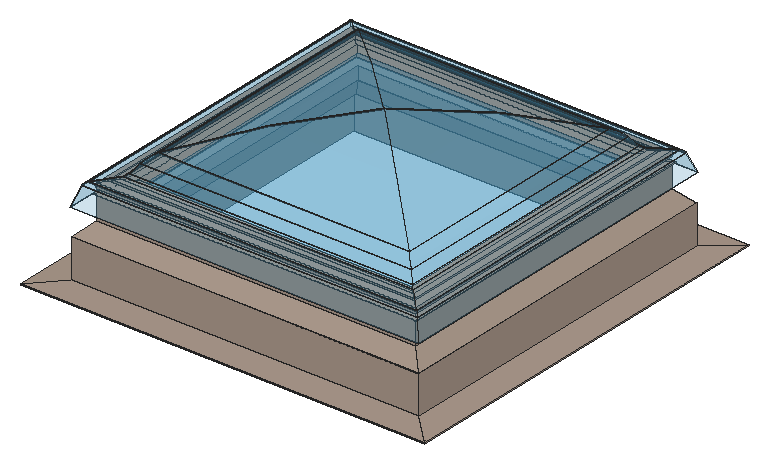
Revit family "CSP_v_1.01", category Окна, Revit 2017
Family settings
  Основа = Крыша
  Всегда вертикально = Нет
  При загрузке вырезать с полостями = Нет
  Общий = Нет
  Точка расчета площади = Нет
Parameters (values of type "Default")
  g-value = "0.53"
  Youtube clip = ""
  Window Area = "3.78"
  Width Dome = Ширина - 180.000 mm  # 1200.000 mm
  Ширина = 1380.000 mm
  Weight Net (kg) = ""
  Warranty Years = "10"
  Warranty = ""
  Uniclass 2.0 Description = "Roof Window Units"
  Uniclass 2.0 Code = "PR-59-72"
  Uniclass 1.4 Description = "Rooflights/Roof windows"
  Uniclass 1.4 Code = "JL11"
  URL = "http://file-system.ru/catalog/zdaniya_i_sooruzheniya/eksterer/okna/csp_velux_zenitnyy_fonar_s_funktsiey_dymoudaleniya/#close_popup_window"
  UNSPC code = 301516
  UNSPC Category = "Roofing accessories"
  ThermalTransmittance - Glazing = "0.9"
  ThermalTransmittance = "1.0"
  Thermal transmittance (frame) = ""
  Thermal bridge(glazing) = "0.05"
  Thermal bridge = ""
  Technical description = ""
  Stock Product = ""
  Sound Insulation db = "33"
  Single = ""
  Rough Width = 0.000 mm
  Rough Height = 0.000 mm
  Product identifier = ""
  Product group = "CSP 1.01"
  Product family = "Flat roof window"
  Product data url = "http://www.velux.dk/private/produkter/ny-generation"
  Product certification = ""
  Product SKU = "csp101"
  Placement Height = 0.000 mm
  Perimeter Window = 4.8
  Perimeter Glazing = 0
  Operation Mode = "Electrical"
  Opening = if(Open Window, 652.929 mm, 159.380 mm)  # 159.380 mm
  Open Window = no
  Name of the object = "Flat roof window - CSP"
  NBS Reference Description = "Roof Window Units"
  NBS Reference = "59-72"
  Группа модели = "Flat roof window - CSP"
  Material secondary = Glass 73Q + ISD 0000
  Material main = Wood
  Manufacturer country = "Denmark"
  Manufacturer URL = "www.velux.com"
  Изготовитель = "VELUX A/S"  # constant formula
  Light transmittance = "0.72"
  Installation instructions = ""
  IFC Classification = "Window"
  Height Dome = Height - 180.000 mm  # 1200.000 mm
  Height = 1380.000 mm
  GlazingAreaFraction = "1.57"
  Function = "Smoke ventilation flat roof window"
  Frame  Area = ""
  Emergency Exit = 1 > 2  # no
  Edition number = "1"
  EAN code = ""
  Design country = "Denmark"
  Delivery Time = ""
  Date of publishing = "6/27/2013"
  Cross Height = Opening - 73.723 mm  # 85.657 mm
  Copyright = "VELUX A/S"  # constant formula
  COBIe Type Category = ""
  Код по классификатору = "B3020110"
  Allowed Roof Slope = "0°-15°"
  AcousticRating = ""
Reference planes
  plane 1 "Center (Front/Back)": y = 0
  plane 2 "Roof": z = 4000
  plane 3 "Center (Left/Right)": x = 0
  plane 4: x = -600
  plane 5: y = 600
  plane 6: x = 600
  plane 7: y = -600
  plane 8 "Roof Top": z = 4150
  plane 9: z = 4310
  plane 10: x = -563.153
  plane 11: x = 563.153
  plane 12: z = 4392.99
  plane 13: x = -610.501
  plane 14: x = 610.501
  plane 15: x = -587.399
  plane 16: x = -595.501
  plane 17: x = 587.399
  plane 18: x = 595.501
  plane 19: x = -591.45
  plane 20: x = 591.45
  plane 21: y = 587.424
  plane 22: y = 595.501
  plane 23: y = 591.463
  plane 24: y = -587.424
  plane 25: y = -595.501
  plane 26: y = -591.463
  plane 27: z = 4478.647
  plane 28: x = -500
  plane 29: x = 100
  plane 30: x = -100
  plane 31: x = 500
  plane 32: y = 500
  plane 33: y = -500
  plane 34: y = 100
  plane 35: y = -100
  plane 36 "Placement Height": z = 4150
  plane 37: x = -690
  plane 38: x = 690
  plane 39: y = 690
  plane 40: y = -690
  plane 41: y = -600
Forms (mm)
  Sweep 1, solid, material "Wood" <- "Material main"
    path origin (-583.5, -142.744, 4310) x (-1, 0, 0) y (0, -1, 0)
      loop
        line (-1183.5, 457.256) -> (-1183.5, -742.744) -> (16.5, -742.744) -> (16.5, 457.256) -> (-1183.5, 457.256)
    profile origin (600, 0, 4310) x (-1, 0, 0) y (0, 0, 1)
      loop
        line (29.543, 0) -> (69.194, 82.99) -> (4.499, 82.99) -> (4.499, 157.08)
        arc (4.499, 157.08) -> (3.427, 159.378) -> (0.978, 160.035) r 3
        line (0.978, 160.035) -> (-44.675, 151.985) -> (-44.501, 150) -> (-36.501, 150) -> (-36.501, 54.661) -> (-90, 0) -> (29.543, 0)
  Sweep 2, solid
    path origin (2.429, -2.424, 4708.816) x (0, 1, 0) y (0, 0, -1)
      loop
        line (4.849, 0) -> (0, 0)
    profile origin (2.429, 0, 4708.816) x (0, 0, 1) y (-1, 0, 0)
      loop
        line (0, 4.828) -> (-3.01, 4.828) -> (-3.01, 0) -> (0, 0) -> (0, 4.828)
  Sweep 3, solid, material "Wood" <- "Material main"
    path origin (-1773.7, -4572, 4150) x (-1, 0, 0) y (0, -1, 0)
      loop
        line (-1179.7, -5166) -> (-1179.7, -3978) -> (-2367.7, -3978) -> (-2367.7, -5166) -> (-1179.7, -5166)
    profile origin (0, 594, 4150) x (0, 1, 0) y (0, 0, 1)
      loop
        line (12, 160) -> (12, 0) -> (211, 0) -> (211, 3) -> (97, 9.65) -> (97, 160) -> (12, 160)
  Sweep 4, solid, material "Wood" <- "Material main"
    path origin (0, 0, 0) x (1, 0, 0) y (0, 0, 1)
      loop
        line (-563.153, 4478.647) -> (-563.153, 4460)
    profile origin (-563.153, 0, 4469.324) x (0, -1, 0) y (1, 0, 0)
      loop
        circle (0, -47.348) r 7.5
  Sweep 5, solid, material "Wood" <- "Material main"
    path origin (0, 0, 0) x (1, 0, 0) y (0, 0, 1)
      loop
        line (563.153, 4478.647) -> (563.153, 4460)
    profile origin (563.153, 0, 4469.324) x (0, -1, 0) y (1, 0, 0)
      loop
        circle (0, 47.348) r 7.5
  Sweep 6, solid, material "Wood" <- "Material main"
    path origin (0, -595.501, 4392.99) x (0, 0, -1) y (-1, 0, 0)
      loop
        line (-85.657, -500) -> (0, 100)
    profile origin (200, -595.501, 4435.818) x (0.141329, 0, -0.989963) y (0, -1, 0)
      loop
        line (10, -2) -> (10, 2) -> (-10, 2) -> (-10, -2) -> (10, -2)
  Sweep 7, solid, material "Wood" <- "Material main"
    path origin (0, -595.501, 4392.99) x (0, 0, -1) y (-1, 0, 0)
      loop
        line (-85.657, 100) -> (0, -500)
    profile origin (200, -595.501, 4435.818) x (0.141329, 0, 0.989963) y (0, -1, 0)
      loop
        line (10, -6) -> (10, -2) -> (-10, -2) -> (-10, -6) -> (10, -6)
  Sweep 8, solid, material "Wood" <- "Material main"
    path origin (0, 595.501, 4392.99) x (0, 0, -1) y (-1, 0, 0)
      loop
        line (-85.657, -100) -> (0, 500)
    profile origin (-200, 595.501, 4435.819) x (-0.141329, 0, 0.989963) y (0, 1, 0)
      loop
        line (10, -2) -> (10, 2) -> (-10, 2) -> (-10, -2) -> (10, -2)
  Sweep 9, solid, material "Wood" <- "Material main"
    path origin (0, 595.501, 4392.99) x (0, 0, -1) y (-1, 0, 0)
      loop
        line (-85.657, 500) -> (0, -100)
    profile origin (-200, 595.501, 4435.819) x (-0.141329, 0, -0.989963) y (0, 1, 0)
      loop
        line (-10, -6) -> (10, -6) -> (10, -2) -> (-10, -2) -> (-10, -6)
  Sweep 10, solid, material "Wood" <- "Material main"
    path origin (-595.501, -4572, 4457.99) x (0, 0, 1) y (0, -1, 0)
      loop
        line (20.657, -4672) -> (-65, -4072)
    profile origin (-595.501, -200, 4435.819) x (0, 0.141329, -0.989963) y (1, 0, 0)
      loop
        line (-10, 2) -> (-10, -2) -> (10, -2) -> (10, 2) -> (-10, 2)
  Sweep 11, solid, material "Wood" <- "Material main"
    path origin (-595.501, -4572, 4457.99) x (0, 0, 1) y (0, -1, 0)
      loop
        line (20.657, -4072) -> (-65, -4672)
    profile origin (-595.501, -200, 4435.819) x (0, 0.141329, 0.989963) y (1, 0, 0)
      loop
        line (10, 6) -> (-10, 6) -> (-10, 2) -> (10, 2) -> (10, 6)
  Sweep 12, solid, material "Wood" <- "Material main"
    path origin (595.501, -4572, 4457.99) x (0, 0, 1) y (0, -1, 0)
      loop
        line (20.657, -5072) -> (-65, -4472)
    profile origin (595.501, 200, 4435.819) x (0, -0.141329, 0.989963) y (-1, 0, 0)
      loop
        line (-10, 2) -> (-10, -2) -> (10, -2) -> (10, 2) -> (-10, 2)
  Sweep 13, solid, material "Wood" <- "Material main"
    path origin (595.501, -4572, 4457.99) x (0, 0, 1) y (0, -1, 0)
      loop
        line (20.657, -4472) -> (-65, -5072)
    profile origin (595.501, 200, 4435.819) x (0, -0.141329, -0.989963) y (-1, 0, 0)
      loop
        line (-10, 6) -> (-10, 2) -> (10, 2) -> (10, 6) -> (-10, 6)
Lines and regions (mm)
  Opening 1
    outline origin (0, 0, 4150) x (0, 1, 0) y (-1, 0, 0)
      loop
        line (600, 600) -> (-600, 600) -> (-600, -600) -> (600, -600) -> (600, 600)
  reference lines
    curve 1: line (837.314, 0, 4309.113) -> (-600, 0, 4309.113)
    curve 2: line (637.314, 0, 4309.113) -> (637.314, 0, 4499.375)
    curve 3: line (637.314, 0, 4000) -> (637.314, 600, 4000)
    curve 4: line (837.314, 0, 4309.113) -> (-57.38, 0, 4309.113)
    curve 7: line (500, -595.501, 4478.647) -> (-100, -595.501, 4392.99)
    curve 8: line (-100, -595.501, 4478.647) -> (500, -595.501, 4392.99)
    curve 9: line (-500, 595.501, 4478.647) -> (100, 595.501, 4392.99)
    curve 10: line (100, 595.501, 4478.647) -> (-500, 595.501, 4392.99)
    curve 11: line (-595.501, -500, 4478.647) -> (-595.501, 100, 4392.99)
    curve 12: line (-595.501, 100, 4478.647) -> (-595.501, -500, 4392.99)
    curve 13: line (595.501, 500, 4478.647) -> (595.501, -100, 4392.99)
    curve 14: line (595.501, -100, 4478.647) -> (595.501, 500, 4392.99)
  symbolic lines
    curve 5: line (-600, 600, 4000) -> (600, 0, 4000)
    curve 6: line (600, 0, 4000) -> (-600, -600, 4000)
Dimensions and locks
  equal spacing: host sketch curve, plane 3 "Center (Left/Right)", host sketch curve
  equal spacing: host sketch curve, plane 1 "Center (Front/Back)", host sketch curve
  equal spacing: plane 4, plane 3 "Center (Left/Right)", plane 6
  "Ширина": plane 37 to plane 38
  equal spacing: plane 5, plane 1 "Center (Front/Back)", plane 7
  "Height": plane 39 to plane 40
  locked: plane 6 to curve 3 at 37.314
  locked: curve 2 to plane 6 at 37.314
  locked: host roof to plane 8 "Roof Top"
  locked: plane 4 to plane 10 at 36.847
  locked: plane 6 to plane 11 at 36.847
  "Opening": nested 1 to plane 9
  locked: plane 13 to plane 4 at 10.501
  locked: plane 14 to plane 6 at 10.501
  plane 4 to plane 16 to plane 15 = 4.499 mm locked, 8.102 mm locked
  plane 6 to plane 18 to plane 17 = 4.499 mm locked, 8.102 mm locked
  equal spacing: plane 15, plane 19, plane 16
  equal spacing: plane 17, plane 20, plane 18
  plane 5 to plane 22 to plane 21 = 4.499 mm locked, 8.077 mm locked
  equal spacing: plane 22, plane 23, plane 21
  plane 24 to plane 25 to plane 7 = 8.077 mm locked, 4.499 mm locked
  equal spacing: plane 24, plane 26, plane 25
  "Cross Height": plane 27 to plane 12
  locked: plane 4 to plane 28 at 100
  locked: plane 29 to plane 3 "Center (Left/Right)" at 100
  locked: plane 3 "Center (Left/Right)" to plane 30 at 100
  locked: plane 6 to plane 31 at 100
  locked: plane 5 to plane 32 at 100
  locked: plane 33 to plane 7 at 100
  locked: plane 34 to plane 1 "Center (Front/Back)" at 100
  locked: plane 1 "Center (Front/Back)" to plane 35 at 100
  "Placement Height": plane 8 "Roof Top" to plane 36 "Placement Height"
  locked: plane 9 to plane 36 "Placement Height" at 160
  locked: plane 12 to plane 36 "Placement Height" at 242.99
  locked: plane 37 to plane 4 at 90
  locked: plane 6 to plane 38 at 90
  locked: plane 39 to plane 5 at 90
  locked: plane 40 to plane 7 at 90
  aligned and locked: level to plane 2 "Roof"
  aligned and locked: Opening 1 sketch curve to plane 5
  aligned and locked: Opening 1 sketch curve to plane 4
  aligned and locked: Opening 1 sketch curve to plane 7
  aligned and locked: Opening 1 sketch curve to plane 6
  aligned and locked: plane 6 to Sweep 1 sketch curve
  aligned and locked: Sweep 1 sketch curve to plane 5
  aligned and locked: Sweep 1 sketch curve to plane 4
  aligned and locked: plane 7 to Sweep 1 sketch curve
  aligned and locked: Sweep 2 sketch curve to nested 1  (x6)
  aligned and locked: nested 1 to Sweep 2 sketch curve
  aligned: Sweep 3 to plane 5
  aligned: Sweep 3 to plane 7
  aligned: Sweep 3 to plane 4
  aligned: Sweep 3 to plane 6
  aligned: Sweep 3 to host roof
  aligned and locked: Sweep 4 sketch curve to plane 10
  aligned and locked: profile plane to Sweep 4 sketch curve
  aligned and locked: Sweep 5 sketch curve to plane 11
  aligned and locked: profile plane to Sweep 5 sketch curve
  aligned and locked: plane 13 to Sweep 4 sketch curve
  aligned and locked: nested 1 to Sweep 4 sketch curve
  aligned and locked: Sweep 1 to Sweep 4 sketch curve
  aligned and locked: Sweep 1 to Sweep 5 sketch curve
  aligned and locked: nested 1 to Sweep 5 sketch curve
  aligned and locked: plane 14 to Sweep 5 sketch curve
  aligned and locked: Sweep 6 sketch curve to curve 7
  aligned and locked: Sweep 7 sketch curve to curve 8
  aligned and locked: Sweep 8 sketch curve to curve 10
  aligned and locked: Sweep 9 sketch curve to curve 9
  aligned and locked: Sweep 10 sketch curve to curve 12
  aligned and locked: Sweep 11 sketch curve to curve 11
  aligned and locked: Sweep 12 sketch curve to curve 13
  aligned and locked: Sweep 13 sketch curve to curve 14
  aligned and locked: plane 36 "Placement Height" to Sweep 3 sketch curve
Automatic sketch dimensions
  plane 4 to curve 1 = 0.000 mm
  curve 4 to plane 9 = 0.887 mm
  curve 2 to curve 4 = 200.000 mm
  plane 12 to curve 2 = 106.385 mm
  plane 1 "Center (Front/Back)" to curve 3 = 0.000 mm
  curve 3 to plane 5 = 0.000 mm
  curve 4 to plane 3 "Center (Left/Right)" = 57.380 mm
  curve 6 to plane 4 = 0.000 mm
  curve 5 to plane 4 = 0.000 mm
  plane 1 "Center (Front/Back)" to curve 6 = 0.000 mm
  curve 6 to plane 6 = 0.000 mm
  plane 7 to curve 6 = 0.000 mm
  curve 5 to plane 5 = 0.000 mm
  Sweep 3 sketch curve to profile plane = 12.000 mm
  Sweep 3 sketch curve to Sweep 3 sketch curve = 85.000 mm
  Sweep 3 sketch curve to Sweep 3 sketch curve = 114.000 mm
  profile plane to Sweep 3 sketch curve = 3.000 mm
  profile plane to Sweep 3 sketch curve = 9.650 mm
  Sweep 3 sketch curve to Sweep 3 sketch curve = 150.350 mm
  curve 8 to plane 27 = 0.000 mm
  curve 7 to plane 27 = 0.000 mm
  curve 8 to plane 12 = 0.000 mm
  curve 7 to plane 12 = 0.000 mm
  plane 31 to curve 8 = 0.000 mm
  plane 31 to curve 7 = 0.000 mm
  plane 30 to curve 8 = 0.000 mm
  plane 30 to curve 7 = 0.000 mm
  curve 10 to plane 27 = 0.000 mm
  curve 9 to plane 27 = 0.000 mm
  curve 10 to plane 12 = 0.000 mm
  curve 9 to plane 12 = 0.000 mm
  curve 9 to plane 29 = 0.000 mm
  curve 10 to plane 29 = 0.000 mm
  curve 10 to plane 28 = 0.000 mm
  curve 9 to plane 28 = 0.000 mm
  curve 11 to plane 12 = 0.000 mm
  curve 12 to plane 12 = 0.000 mm
  plane 27 to curve 12 = 0.000 mm
  plane 27 to curve 11 = 0.000 mm
  curve 11 to plane 34 = 0.000 mm
  curve 12 to plane 34 = 0.000 mm
  curve 12 to plane 33 = 0.000 mm
  curve 11 to plane 33 = 0.000 mm
  curve 13 to plane 12 = 0.000 mm
  curve 14 to plane 12 = 0.000 mm
  plane 27 to curve 14 = 0.000 mm
  plane 27 to curve 13 = 0.000 mm
  curve 14 to plane 32 = 0.000 mm
  curve 13 to plane 32 = 0.000 mm
  curve 14 to plane 35 = 0.000 mm
  curve 13 to plane 35 = 0.000 mm
  Sweep 6 sketch curve to plane 27 = 0.000 mm
  Sweep 6 sketch curve to plane 12 = 0.000 mm
  plane 25 to Sweep 6 sketch curve = 2.000 mm
  profile plane to Sweep 6 sketch curve = 10.000 mm
  Sweep 6 sketch curve to profile plane = 10.000 mm
  Sweep 6 sketch curve to plane 25 = 2.000 mm
  Sweep 7 sketch curve to plane 27 = 0.000 mm
  Sweep 7 sketch curve to plane 12 = 0.000 mm
  Sweep 7 sketch curve to plane 25 = 2.000 mm
  profile plane to Sweep 7 sketch curve = 10.000 mm
  Sweep 7 sketch curve to profile plane = 10.000 mm
  Sweep 7 sketch curve to Sweep 7 sketch curve = 4.000 mm
  Sweep 8 sketch curve to plane 27 = 0.000 mm
  Sweep 8 sketch curve to plane 12 = 0.000 mm
  profile plane to Sweep 8 sketch curve = 10.000 mm
  plane 22 to Sweep 8 sketch curve = 2.000 mm
  Sweep 8 sketch curve to profile plane = 10.000 mm
  Sweep 8 sketch curve to plane 22 = 2.000 mm
  Sweep 9 sketch curve to plane 27 = 0.000 mm
  Sweep 9 sketch curve to plane 12 = 0.000 mm
  profile plane to Sweep 9 sketch curve = 10.000 mm
  Sweep 9 sketch curve to profile plane = 10.000 mm
  Sweep 9 sketch curve to plane 22 = 2.000 mm
  Sweep 9 sketch curve to Sweep 9 sketch curve = 4.000 mm
  Sweep 10 sketch curve to plane 12 = 0.000 mm
  plane 27 to Sweep 10 sketch curve = 0.000 mm
  profile plane to Sweep 10 sketch curve = 10.000 mm
  plane 16 to Sweep 10 sketch curve = 2.000 mm
  Sweep 10 sketch curve to profile plane = 10.000 mm
  Sweep 10 sketch curve to plane 16 = 2.000 mm
  Sweep 11 sketch curve to plane 12 = 0.000 mm
  plane 27 to Sweep 11 sketch curve = 0.000 mm
  plane 16 to Sweep 11 sketch curve = 2.000 mm
  profile plane to Sweep 11 sketch curve = 10.000 mm
  Sweep 11 sketch curve to profile plane = 10.000 mm
  Sweep 11 sketch curve to Sweep 11 sketch curve = 4.000 mm
  Sweep 12 sketch curve to plane 12 = 0.000 mm
  plane 27 to Sweep 12 sketch curve = 0.000 mm
  profile plane to Sweep 12 sketch curve = 10.000 mm
  Sweep 12 sketch curve to plane 18 = 2.000 mm
  plane 18 to Sweep 12 sketch curve = 2.000 mm
  Sweep 12 sketch curve to profile plane = 10.000 mm
  Sweep 13 sketch curve to plane 12 = 0.000 mm
  plane 27 to Sweep 13 sketch curve = 0.000 mm
  Sweep 13 sketch curve to profile plane = 10.000 mm
  plane 18 to Sweep 13 sketch curve = 2.000 mm
  Sweep 13 sketch curve to Sweep 13 sketch curve = 4.000 mm
  profile plane to Sweep 13 sketch curve = 10.000 mm
  profile plane to Sweep 1 sketch curve = 44.675 mm
  Sweep 1 sketch curve to Sweep 1 sketch curve = 0.174 mm
  Sweep 1 sketch curve to Sweep 1 sketch curve = 8.000 mm
  Sweep 1 sketch curve to profile plane = 0.978 mm
  Sweep 1 sketch curve to profile plane = 1.499 mm
  Sweep 1 sketch curve to Sweep 1 sketch curve = 3.000 mm
  Sweep 1 sketch curve to profile plane = 29.543 mm
  Sweep 1 sketch curve to Sweep 1 sketch curve = 64.695 mm
  Sweep 1 sketch curve to Sweep 1 sketch curve = 67.010 mm
  Sweep 1 sketch curve to Sweep 1 sketch curve = 1.985 mm
  Sweep 1 sketch curve to Sweep 1 sketch curve = 7.080 mm
  profile plane to Sweep 1 sketch curve = 82.990 mm
  Sweep 1 sketch curve to profile plane = 0.000 mm
  Sweep 1 sketch curve to Sweep 1 sketch curve = 53.499 mm
  Sweep 1 sketch curve to Sweep 1 sketch curve = 28.329 mm
  plane 18 to Sweep 3 sketch curve = 1.501 mm
  plane 16 to Sweep 3 sketch curve = 1.501 mm
  Sweep 3 sketch curve to plane 22 = 1.501 mm
  Sweep 3 sketch curve to plane 25 = 1.501 mm
  radius of Sweep 4 sketch curve = 7.500 mm
  radius of Sweep 5 sketch curve = 7.500 mm
Nested families
  nested 1: "CVP v.22_Openable" at (1.927, 0, 4309.683), type "CVP v.22_Openable"
Definition of nested family "CVP v.22_Openable"
  Parameters
    Width = 1200.000 mm
    Material Internal = none
    Height = 1200.000 mm
    Half Width = (Width / 2) - 15.000 mm  # 585.000 mm
    Half Height = (Height / 2) - 15.000 mm  # 585.000 mm
    Glazing = none
    Dome Profile Length = if((Half Width < Half Height), Half Width, Half Height)  # 585.000 mm
    Assembly Code = ""
    Angle = 0.00000°
  Reference planes
    plane 1 "Center (Front/Back)": y = 0
    plane 2: z = 0
    plane 3 "Center (Left/Right)": x = 0
    plane 4: x = -600
    plane 5: y = 600
    plane 6: x = 600
    plane 7: y = -600
    plane 8: y = 552.501
    plane 9: y = -552.501
  Forms (mm)
    Sweep 1, solid, material <- "Material Internal"
      path origin (635.387, 0, 159.697) x (-1, 0, 0) y (0, -1, 0)
        loop
          line (0, -637.31) -> (1274.599, -637.31) -> (1274.599, 637.31) -> (0, 637.31) -> (0, -637.31)
      profile origin (635.387, 0, 159.697) x (1, 0, 0) y (0, 0, 1)
        loop
          line (-2.256, 30.869) -> (-26.187, 35.088) -> (-28.27, 23.271) -> (-37.134, 24.833) -> (-35.05, 36.651) -> (-51.496, 39.551) -> (-53.575, 27.763) -> (-91.064, 34.374) -> (-99.886, 11.393) -> (-73.886, 11.393) -> (-73.886, -20.207) -> (-118.051, -20.207) -> (-112.586, -72.207) -> (-92.386, -72.207) -> (-92.386, -63.407) -> (-58.386, -63.407) -> (-58.386, -44.907) -> (-49.886, -44.907) -> (-49.886, 7.79) -> (-39.886, 16.18) -> (-0.683, 9.267) -> (0.88, 18.131) -> (-16.453, 21.187) -> (-15.585, 26.111) -> (-0.257, 23.408) -> (-2.256, 30.869)
    Sweep 2, solid
      path origin (635.387, 0, 159.697) x (-1, 0, 0) y (0, -1, 0)
        loop
          line (49.886, 587.424) -> (49.886, -587.424) -> (1224.713, -587.424) -> (1224.713, 587.424) -> (49.886, 587.424)
      profile origin (585.501, 0, 159.697) x (-1, 0, 0) y (0, 0, 1)
        loop
          line (47.155, 90.651) -> (23.08, 56.268)
          arc (23.08, 56.268) -> (17.443, 50.872) -> (10.17, 48.043) r 20
          line (10.17, 48.043) -> (-66.712, 34.487)
          arc (-66.712, 34.487) -> (-76.095, 30.112) -> (-82.033, 21.631) r 20
          line (-82.033, 21.631) -> (-109.021, -52.518) -> (-105.828, -52.518) -> (-79.214, 20.605)
          arc (-79.214, 20.605) -> (-74.166, 27.814) -> (-66.191, 31.533) r 17
          line (-66.191, 31.533) -> (10.691, 45.089)
          arc (10.691, 45.089) -> (19.055, 48.342) -> (25.537, 54.547) r 23
          line (25.537, 54.547) -> (49.612, 88.93)
          arc (49.612, 88.93) -> (67.174, 107.978) -> (89.151, 121.698) r 97
          arc (89.151, 121.698) -> (332.852, 197.318) -> (585, 236.426) r 1737.362
          line (585, 236.426) -> (585, 239.436)
          arc (585, 239.436) -> (332.257, 200.259) -> (87.985, 124.463) r 1740.362
          arc (87.985, 124.463) -> (65.289, 110.312) -> (47.155, 90.651) r 100
    Extrusion 3, solid, material <- "Glazing"
      sketch origin (635.387, 0, 159.697) x (-1, 0, 0) y (0, -1, 0)
        loop
          line (1189.8, 552.5) -> (84.8, 552.5) -> (84.8, -552.5) -> (1189.8, -552.5) -> (1189.8, 552.5)
      from -16 to -12
    Extrusion 4, solid, material <- "Glazing"
      sketch origin (635.387, 0, 159.697) x (-1, 0, 0) y (0, -1, 0)
        loop
          line (1189.8, 552.5) -> (84.8, 552.5) -> (84.8, -552.5) -> (1189.8, -552.5) -> (1189.8, 552.5)
      from 4 to 8
  Lines and regions (mm)
    reference lines
      curve 1: line (635.387, 0, 159.697) -> (-244.613, 0, 159.697)
      curve 2: line (635.387, 0, 159.697) -> (635.387, 0, 364.697)
      curve 3: line (-552.501, 0, 159.697) -> (-552.501, 0, 239.697)
      curve 4: line (635.387, 0, 159.697) -> (-564.613, 0, 159.697)
      curve 5: line (598.087, 0, 159.697) -> (598.087, 52.92, 159.697)
      curve 6: line (-601.913, 0, 159.697) -> (-601.913, 52.92, 159.697)
      curve 7: line (635.387, -600, 159.697) -> (-299.613, -600, 159.697)
      curve 8: line (-299.613, -600, 159.697) -> (-601.913, -600, 159.697)
      curve 9: line (-601.913, 600, 159.697) -> (253.087, 600, 159.697)
      curve 10: line (635.387, -637.31, 159.697) -> (-394.613, -637.31, 159.697)
      curve 11: line (-601.913, 637.31, 159.697) -> (378.96, 637.31, 159.697)
      curve 12: line (-639.212, -0.91, 159.697) -> (-639.212, 52.01, 159.697)
      curve 13: line (-601.913, 552.5, 159.697) -> (253.087, 552.5, 159.697)
      curve 14: line (635.387, -552.5, 159.697) -> (-299.613, -552.5, 159.697)
      curve 15: line (-554.413, 0, 159.697) -> (-554.413, 52.92, 159.697)
      curve 16: line (550.587, 0, 159.697) -> (550.587, 52.92, 159.697)
  Dimensions and locks
    equal spacing: plane 4, plane 3 "Center (Left/Right)", plane 6
    "Width": plane 4 to plane 6
    equal spacing: plane 5, plane 1 "Center (Front/Back)", plane 7
    "Height": plane 5 to plane 7
    locked: curve 2 to plane 6 at 35.387
    locked: curve 1 to level at 159.697
    "Width": curve 4 to curve 4
    locked: curve 5 to curve 4 at 37.3
    "Width": curve 6 to curve 5
    equal spacing: curve 9, curve 4, curve 7
    "Height": curve 9 to curve 7
    locked: curve 9 to curve 11 at 37.31
    locked: curve 7 to curve 10 at 37.31
    curve 12 to curve 6 = 37.299 mm
    profile plane to Sweep 1 = 1174.828 mm
    locked: curve 16 to curve 5 at 47.5
    locked: curve 6 to curve 15 at 47.5
    locked: curve 13 to curve 9 at 47.5
    locked: curve 14 to curve 7 at 47.5
    "Dome Profile Length": profile plane to Sweep 2 sketch curve
    "Angle": angle curve 4 to curve 1
    aligned and locked: level to plane 2
    aligned and locked: Sweep 1 sketch curve to curve 4
    aligned and locked: Sweep 1 sketch curve to curve 11
    aligned and locked: Sweep 1 sketch curve to curve 10
    aligned and locked: Sweep 1 sketch curve to curve 12
    aligned and locked: Sweep 2 sketch curve to Sweep 1  (x4)
    aligned and locked: Extrusion 3 sketch curve to curve 14
    aligned and locked: Extrusion 3 sketch curve to curve 15
    aligned and locked: Extrusion 3 sketch curve to curve 13
    aligned and locked: Extrusion 3 sketch curve to curve 16
    aligned and locked: Extrusion 4 sketch curve to curve 15
    aligned and locked: curve 14 to Extrusion 4 sketch curve
    aligned and locked: Extrusion 4 sketch curve to curve 16
    aligned and locked: curve 13 to Extrusion 4 sketch curve
  Automatic sketch dimensions
    curve 4 to curve 3 = 12.112 mm
    curve 3 to curve 4 = 0.000 mm
    curve 3 to curve 3 = 80.000 mm
    Sweep 1 sketch curve to profile plane = 20.207 mm
    profile plane to Sweep 1 sketch curve = 118.051 mm
    Sweep 1 sketch curve to Sweep 1 sketch curve = 5.465 mm
    profile plane to Sweep 1 sketch curve = 11.393 mm
    Sweep 1 sketch curve to Sweep 1 sketch curve = 18.165 mm
    Sweep 1 sketch curve to Sweep 1 sketch curve = 20.200 mm
    profile plane to Sweep 1 sketch curve = 34.374 mm
    Sweep 1 sketch curve to Sweep 1 sketch curve = 8.821 mm
    Sweep 1 sketch curve to Sweep 1 sketch curve = 26.000 mm
    Sweep 1 sketch curve to Sweep 1 sketch curve = 34.000 mm
    Sweep 1 sketch curve to Sweep 1 sketch curve = 20.311 mm
    Sweep 1 sketch curve to Sweep 1 sketch curve = 2.079 mm
    profile plane to Sweep 1 sketch curve = 7.790 mm
    Sweep 1 sketch curve to Sweep 1 sketch curve = 3.689 mm
    profile plane to Sweep 1 sketch curve = 16.180 mm
    Sweep 1 sketch curve to Sweep 1 sketch curve = 9.999 mm
    Sweep 1 sketch curve to Sweep 1 sketch curve = 2.753 mm
    Sweep 1 sketch curve to Sweep 1 sketch curve = 2.084 mm  (x2)
    Sweep 1 sketch curve to Sweep 1 sketch curve = 8.864 mm
    Sweep 1 sketch curve to Sweep 1 sketch curve = 8.863 mm  (x2)
    Sweep 1 sketch curve to Sweep 1 sketch curve = 11.817 mm
    Sweep 1 sketch curve to Sweep 1 sketch curve = 0.868 mm
    profile plane to Sweep 1 sketch curve = 2.256 mm
    profile plane to Sweep 1 sketch curve = 0.683 mm
    profile plane to Sweep 1 sketch curve = 0.257 mm
    Sweep 1 sketch curve to profile plane = 0.880 mm
    Sweep 1 sketch curve to Sweep 1 sketch curve = 24.700 mm
    Sweep 1 sketch curve to Sweep 1 sketch curve = 18.500 mm
    Sweep 1 sketch curve to Sweep 1 sketch curve = 8.800 mm
    profile plane to Sweep 1 sketch curve = 9.267 mm
    Sweep 1 sketch curve to Sweep 1 sketch curve = 3.056 mm
    Sweep 1 sketch curve to Sweep 1 sketch curve = 5.278 mm
    Sweep 1 sketch curve to Sweep 1 sketch curve = 1.563 mm  (x2)
    Sweep 1 sketch curve to Sweep 1 sketch curve = 4.924 mm
    Sweep 1 sketch curve to Sweep 1 sketch curve = 2.930 mm
    Sweep 1 sketch curve to Sweep 1 sketch curve = 7.460 mm
    Sweep 1 sketch curve to Sweep 1 sketch curve = 11.818 mm
    Sweep 1 sketch curve to Sweep 1 sketch curve = 11.788 mm
    curve 14 to curve 4 = 0.000 mm
    curve 10 to curve 4 = 0.000 mm
    curve 7 to curve 4 = 0.000 mm
    curve 15 to curve 4 = 0.000 mm
    curve 6 to curve 4 = 0.000 mm
    curve 16 to curve 4 = 0.000 mm
    curve 5 to curve 4 = 0.000 mm
    curve 4 to curve 11 = 256.426 mm
    curve 11 to curve 9 = 125.874 mm
    curve 13 to curve 9 = 0.000 mm
    curve 8 to curve 4 = 265.000 mm
    curve 14 to curve 7 = 0.000 mm
    curve 7 to curve 10 = 95.000 mm
    curve 4 to curve 11 = 37.300 mm
    curve 4 to curve 9 = 37.300 mm
    curve 4 to curve 13 = 37.300 mm
    curve 4 to curve 8 = 37.300 mm
    curve 4 to curve 16 = 52.920 mm
    curve 5 to curve 4 = 52.920 mm
    curve 15 to curve 4 = 52.920 mm
    curve 6 to curve 4 = 52.920 mm
    curve 6 to curve 12 = 0.910 mm
    curve 12 to curve 4 = 0.910 mm
    Sweep 2 sketch curve to Sweep 2 sketch curve = 0.000 mm  (x8)
    profile plane to Sweep 2 sketch curve = 33.293 mm
    Sweep 2 sketch curve to Sweep 2 sketch curve = 1.166 mm
    Sweep 2 sketch curve to Sweep 2 sketch curve = 2.457 mm  (x2)
    Sweep 2 sketch curve to profile plane = 25.537 mm
    Sweep 2 sketch curve to profile plane = 10.691 mm
    Sweep 2 sketch curve to Sweep 2 sketch curve = 0.521 mm  (x2)
    Sweep 2 sketch curve to profile plane = 6.697 mm
    profile plane to Sweep 2 sketch curve = 14.791 mm
    profile plane to Sweep 2 sketch curve = 63.239 mm
    profile plane to Sweep 2 sketch curve = 31.533 mm
    Sweep 2 sketch curve to Sweep 2 sketch curve = 2.952 mm
    profile plane to Sweep 2 sketch curve = 20.605 mm
    Sweep 2 sketch curve to Sweep 2 sketch curve = 2.819 mm
    Sweep 2 sketch curve to profile plane = 52.518 mm
    Sweep 2 sketch curve to Sweep 2 sketch curve = 26.615 mm
    Sweep 2 sketch curve to Sweep 2 sketch curve = 3.193 mm
    Sweep 2 sketch curve to Sweep 2 sketch curve = 1.026 mm
    profile plane to Sweep 2 sketch curve = 45.089 mm
    Sweep 2 sketch curve to Sweep 2 sketch curve = 2.954 mm
    Sweep 2 sketch curve to Sweep 2 sketch curve = 6.504 mm
    Sweep 2 sketch curve to Sweep 2 sketch curve = 1.721 mm
    Sweep 2 sketch curve to Sweep 2 sketch curve = 39.919 mm
    Sweep 2 sketch curve to Sweep 2 sketch curve = 38.373 mm
    Sweep 2 sketch curve to Sweep 2 sketch curve = 24.075 mm
    Sweep 2 sketch curve to profile plane = 724.490 mm
    Sweep 2 sketch curve to profile plane = 1495.327 mm
    Sweep 2 sketch curve to Sweep 2 sketch curve = 34.383 mm
    curve 1 to curve 2 = 205.000 mm
